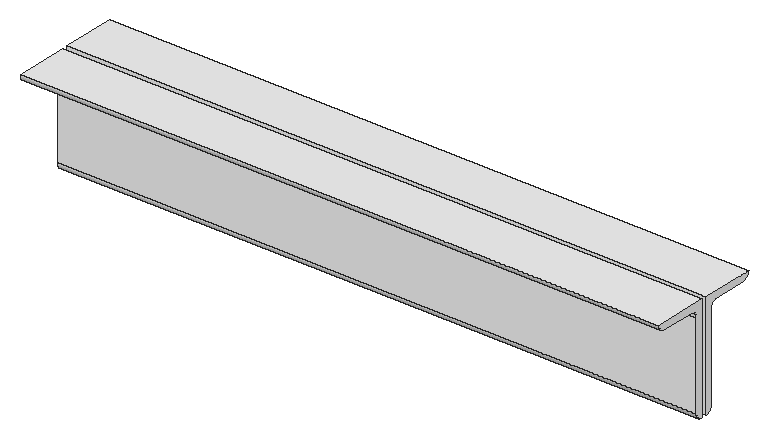
Revit family "M_LL-Ângulo duplo", category Quadro estrutural, Revit 2019 (continued)
Types in the file's own list only (596): name | W | Pernas | Espaço | b | d | t | y | A
  2L152X102X22.2X9SLBB | 0.793 | "SLBB" | 9 mm | 152 mm | 102 mm | 22 mm | 28 mm | 0.01 m²
  2L152X102X22.2X19SLBB | 0.793 | "SLBB" | 19 mm | 152 mm | 102 mm | 22 mm | 28 mm | 0.01 m²
  2L152X102X19SLBB | 0.689 | "SLBB" | 0 mm | 152 mm | 102 mm | 19 mm | 27 mm | 0.01 m²
  2L152X102X19X9SLBB | 0.689 | "SLBB" | 9 mm | 152 mm | 102 mm | 19 mm | 27 mm | 0.01 m²
  2L152X102X19X19SLBB | 0.689 | "SLBB" | 19 mm | 152 mm | 102 mm | 19 mm | 27 mm | 0.01 m²
  2L152X102X15.9SLBB | 0.582 | "SLBB" | 0 mm | 152 mm | 102 mm | 16 mm | 26 mm | 0.01 m²
  2L152X102X15.9X9SLBB | 0.582 | "SLBB" | 9 mm | 152 mm | 102 mm | 16 mm | 26 mm | 0.01 m²
  2L152X102X15.9X19SLBB | 0.582 | "SLBB" | 19 mm | 152 mm | 102 mm | 16 mm | 26 mm | 0.01 m²
  2L152X102X14.3SLBB | 0.527 | "SLBB" | 0 mm | 152 mm | 102 mm | 14 mm | 26 mm | 0.01 m²
  2L152X102X14.3X9SLBB | 0.527 | "SLBB" | 9 mm | 152 mm | 102 mm | 14 mm | 26 mm | 0.01 m²
  2L152X102X14.3X19SLBB | 0.527 | "SLBB" | 19 mm | 152 mm | 102 mm | 14 mm | 26 mm | 0.01 m²
  2L152X102X12.7SLBB | 0.472 | "SLBB" | 0 mm | 152 mm | 102 mm | 13 mm | 25 mm | 0.01 m²
  2L152X102X12.7X9SLBB | 0.472 | "SLBB" | 9 mm | 152 mm | 102 mm | 13 mm | 25 mm | 0.01 m²
  2L152X102X12.7X19SLBB | 0.472 | "SLBB" | 19 mm | 152 mm | 102 mm | 13 mm | 25 mm | 0.01 m²
  2L152X102X11.1SLBB | 0.415 | "SLBB" | 0 mm | 152 mm | 102 mm | 11 mm | 24 mm | 0.01 m²
  2L152X102X11.1X9SLBB | 0.415 | "SLBB" | 9 mm | 152 mm | 102 mm | 11 mm | 24 mm | 0.01 m²
  2L152X102X11.1X19SLBB | 0.415 | "SLBB" | 19 mm | 152 mm | 102 mm | 11 mm | 24 mm | 0.01 m²
  2L152X102X9.5SLBB | 0.358 | "SLBB" | 0 mm | 152 mm | 102 mm | 10 mm | 24 mm | 0.00 m²
  2L152X102X9.5X9SLBB | 0.358 | "SLBB" | 9 mm | 152 mm | 102 mm | 10 mm | 24 mm | 0.00 m²
  2L152X102X9.5X19SLBB | 0.358 | "SLBB" | 19 mm | 152 mm | 102 mm | 10 mm | 24 mm | 0.00 m²
  2L152X102X7.9SLBB | 0.301 | "SLBB" | 0 mm | 152 mm | 102 mm | 8 mm | 23 mm | 0.00 m²
  2L152X102X7.9X9SLBB | 0.301 | "SLBB" | 9 mm | 152 mm | 102 mm | 8 mm | 23 mm | 0.00 m²
  2L152X102X7.9X19SLBB | 0.301 | "SLBB" | 19 mm | 152 mm | 102 mm | 8 mm | 23 mm | 0.00 m²
  2L152X89X12.7SLBB | 0.449 | "SLBB" | 0 mm | 152 mm | 89 mm | 13 mm | 21 mm | 0.01 m²
  2L152X89X12.7X9SLBB | 0.449 | "SLBB" | 9 mm | 152 mm | 89 mm | 13 mm | 21 mm | 0.01 m²
  2L152X89X12.7X19SLBB | 0.449 | "SLBB" | 19 mm | 152 mm | 89 mm | 13 mm | 21 mm | 0.01 m²
  2L152X89X9.5SLBB | 0.342 | "SLBB" | 0 mm | 152 mm | 89 mm | 10 mm | 20 mm | 0.00 m²
  2L152X89X9.5X9SLBB | 0.342 | "SLBB" | 9 mm | 152 mm | 89 mm | 10 mm | 20 mm | 0.00 m²
  2L152X89X9.5X19SLBB | 0.342 | "SLBB" | 19 mm | 152 mm | 89 mm | 10 mm | 20 mm | 0.00 m²
  2L152X89X7.9SLBB | 0.287 | "SLBB" | 0 mm | 152 mm | 89 mm | 8 mm | 19 mm | 0.00 m²
  2L152X89X7.9X9SLBB | 0.287 | "SLBB" | 9 mm | 152 mm | 89 mm | 8 mm | 19 mm | 0.00 m²
  2L152X89X7.9X19SLBB | 0.287 | "SLBB" | 19 mm | 152 mm | 89 mm | 8 mm | 19 mm | 0.00 m²
  2L127X89X19SLBB | 0.578 | "SLBB" | 0 mm | 127 mm | 89 mm | 19 mm | 25 mm | 0.01 m²
  2L127X89X19X9SLBB | 0.578 | "SLBB" | 9 mm | 127 mm | 89 mm | 19 mm | 25 mm | 0.01 m²
  2L127X89X19X19SLBB | 0.578 | "SLBB" | 19 mm | 127 mm | 89 mm | 19 mm | 25 mm | 0.01 m²
  2L127X89X15.9SLBB | 0.489 | "SLBB" | 0 mm | 127 mm | 89 mm | 16 mm | 24 mm | 0.01 m²
  2L127X89X15.9X9SLBB | 0.489 | "SLBB" | 9 mm | 127 mm | 89 mm | 16 mm | 24 mm | 0.01 m²
  2L127X89X15.9X19SLBB | 0.489 | "SLBB" | 19 mm | 127 mm | 89 mm | 16 mm | 24 mm | 0.01 m²
  2L127X89X12.7SLBB | 0.398 | "SLBB" | 0 mm | 127 mm | 89 mm | 13 mm | 23 mm | 0.01 m²
  2L127X89X12.7X9SLBB | 0.398 | "SLBB" | 9 mm | 127 mm | 89 mm | 13 mm | 23 mm | 0.01 m²
  2L127X89X12.7X19SLBB | 0.398 | "SLBB" | 19 mm | 127 mm | 89 mm | 13 mm | 23 mm | 0.01 m²
  2L127X89X9.5SLBB | 0.303 | "SLBB" | 0 mm | 127 mm | 89 mm | 10 mm | 22 mm | 0.00 m²
  2L127X89X9.5X9SLBB | 0.303 | "SLBB" | 9 mm | 127 mm | 89 mm | 10 mm | 22 mm | 0.00 m²
  2L127X89X9.5X19SLBB | 0.303 | "SLBB" | 19 mm | 127 mm | 89 mm | 10 mm | 22 mm | 0.00 m²
  2L127X89X7.9SLBB | 0.254 | "SLBB" | 0 mm | 127 mm | 89 mm | 8 mm | 21 mm | 0.00 m²
  2L127X89X7.9X9SLBB | 0.254 | "SLBB" | 9 mm | 127 mm | 89 mm | 8 mm | 21 mm | 0.00 m²
  2L127X89X7.9X19SLBB | 0.254 | "SLBB" | 19 mm | 127 mm | 89 mm | 8 mm | 21 mm | 0.00 m²
  2L127X89X6.4SLBB | 0.205 | "SLBB" | 0 mm | 127 mm | 89 mm | 6 mm | 20 mm | 0.00 m²
  2L127X89X6.4X9SLBB | 0.205 | "SLBB" | 9 mm | 127 mm | 89 mm | 6 mm | 20 mm | 0.00 m²
  2L127X89X6.4X19SLBB | 0.205 | "SLBB" | 19 mm | 127 mm | 89 mm | 6 mm | 20 mm | 0.00 m²
  2L127X76X12.7SLBB | 0.373 | "SLBB" | 0 mm | 127 mm | 76 mm | 13 mm | 19 mm | 0.00 m²
  2L127X76X12.7X9SLBB | 0.373 | "SLBB" | 9 mm | 127 mm | 76 mm | 13 mm | 19 mm | 0.00 m²
  2L127X76X12.7X19SLBB | 0.373 | "SLBB" | 19 mm | 127 mm | 76 mm | 13 mm | 19 mm | 0.00 m²
  2L127X76X11.1SLBB | 0.329 | "SLBB" | 0 mm | 127 mm | 76 mm | 11 mm | 18 mm | 0.00 m²
  2L127X76X11.1X9SLBB | 0.329 | "SLBB" | 9 mm | 127 mm | 76 mm | 11 mm | 18 mm | 0.00 m²
  2L127X76X11.1X19SLBB | 0.329 | "SLBB" | 19 mm | 127 mm | 76 mm | 11 mm | 18 mm | 0.00 m²
  2L127X76X9.5SLBB | 0.284 | "SLBB" | 0 mm | 127 mm | 76 mm | 10 mm | 18 mm | 0.00 m²
  2L127X76X9.5X9SLBB | 0.284 | "SLBB" | 9 mm | 127 mm | 76 mm | 10 mm | 18 mm | 0.00 m²
  2L127X76X9.5X19SLBB | 0.284 | "SLBB" | 19 mm | 127 mm | 76 mm | 10 mm | 18 mm | 0.00 m²
  2L127X76X7.9SLBB | 0.239 | "SLBB" | 0 mm | 127 mm | 76 mm | 8 mm | 17 mm | 0.00 m²
  2L127X76X7.9X9SLBB | 0.239 | "SLBB" | 9 mm | 127 mm | 76 mm | 8 mm | 17 mm | 0.00 m²
  2L127X76X7.9X19SLBB | 0.239 | "SLBB" | 19 mm | 127 mm | 76 mm | 8 mm | 17 mm | 0.00 m²
  2L127X76X6.4SLBB | 0.193 | "SLBB" | 0 mm | 127 mm | 76 mm | 6 mm | 17 mm | 0.00 m²
  2L127X76X6.4X9SLBB | 0.193 | "SLBB" | 9 mm | 127 mm | 76 mm | 6 mm | 17 mm | 0.00 m²
  2L127X76X6.4X19SLBB | 0.193 | "SLBB" | 19 mm | 127 mm | 76 mm | 6 mm | 17 mm | 0.00 m²
  2L102X89X12.7SLBB | 0.348 | "SLBB" | 0 mm | 102 mm | 89 mm | 13 mm | 25 mm | 0.00 m²
  2L102X89X12.7X9SLBB | 0.348 | "SLBB" | 9 mm | 102 mm | 89 mm | 13 mm | 25 mm | 0.00 m²
  2L102X89X12.7X19SLBB | 0.348 | "SLBB" | 19 mm | 102 mm | 89 mm | 13 mm | 25 mm | 0.00 m²
  2L102X89X9.5SLBB | 0.266 | "SLBB" | 0 mm | 102 mm | 89 mm | 10 mm | 24 mm | 0.00 m²
  2L102X89X9.5X9SLBB | 0.266 | "SLBB" | 9 mm | 102 mm | 89 mm | 10 mm | 24 mm | 0.00 m²
  2L102X89X9.5X19SLBB | 0.266 | "SLBB" | 19 mm | 102 mm | 89 mm | 10 mm | 24 mm | 0.00 m²
  2L102X89X7.9SLBB | 0.223 | "SLBB" | 0 mm | 102 mm | 89 mm | 8 mm | 23 mm | 0.00 m²
  2L102X89X7.9X9SLBB | 0.223 | "SLBB" | 9 mm | 102 mm | 89 mm | 8 mm | 23 mm | 0.00 m²
  2L102X89X7.9X19SLBB | 0.223 | "SLBB" | 19 mm | 102 mm | 89 mm | 8 mm | 23 mm | 0.00 m²
  2L102X89X6.4SLBB | 0.18 | "SLBB" | 0 mm | 102 mm | 89 mm | 6 mm | 23 mm | 0.00 m²
  2L102X89X6.4X9SLBB | 0.18 | "SLBB" | 9 mm | 102 mm | 89 mm | 6 mm | 23 mm | 0.00 m²
  2L102X89X6.4X19SLBB | 0.18 | "SLBB" | 19 mm | 102 mm | 89 mm | 6 mm | 23 mm | 0.00 m²
  2L102X76X15.9SLBB | 0.396 | "SLBB" | 0 mm | 102 mm | 76 mm | 16 mm | 22 mm | 0.01 m²
  2L102X76X15.9X9SLBB | 0.396 | "SLBB" | 9 mm | 102 mm | 76 mm | 16 mm | 22 mm | 0.01 m²
  2L102X76X15.9X19SLBB | 0.396 | "SLBB" | 19 mm | 102 mm | 76 mm | 16 mm | 22 mm | 0.01 m²
  2L102X76X12.7SLBB | 0.323 | "SLBB" | 0 mm | 102 mm | 76 mm | 13 mm | 21 mm | 0.00 m²
  2L102X76X12.7X9SLBB | 0.323 | "SLBB" | 9 mm | 102 mm | 76 mm | 13 mm | 21 mm | 0.00 m²
  2L102X76X12.7X19SLBB | 0.323 | "SLBB" | 19 mm | 102 mm | 76 mm | 13 mm | 21 mm | 0.00 m²
  2L102X76X9.5SLBB | 0.247 | "SLBB" | 0 mm | 102 mm | 76 mm | 10 mm | 20 mm | 0.00 m²
  2L102X76X9.5X9SLBB | 0.247 | "SLBB" | 9 mm | 102 mm | 76 mm | 10 mm | 20 mm | 0.00 m²
  2L102X76X9.5X19SLBB | 0.247 | "SLBB" | 19 mm | 102 mm | 76 mm | 10 mm | 20 mm | 0.00 m²
  2L102X76X7.9SLBB | 0.208 | "SLBB" | 0 mm | 102 mm | 76 mm | 8 mm | 19 mm | 0.00 m²
  2L102X76X7.9X9SLBB | 0.208 | "SLBB" | 9 mm | 102 mm | 76 mm | 8 mm | 19 mm | 0.00 m²
  2L102X76X7.9X19SLBB | 0.208 | "SLBB" | 19 mm | 102 mm | 76 mm | 8 mm | 19 mm | 0.00 m²
  2L102X76X6.4SLBB | 0.168 | "SLBB" | 0 mm | 102 mm | 76 mm | 6 mm | 18 mm | 0.00 m²
  2L102X76X6.4X9SLBB | 0.168 | "SLBB" | 9 mm | 102 mm | 76 mm | 6 mm | 18 mm | 0.00 m²
  2L102X76X6.4X19SLBB | 0.168 | "SLBB" | 19 mm | 102 mm | 76 mm | 6 mm | 18 mm | 0.00 m²
  2L89X76X12.7SLBB | 0.3 | "SLBB" | 0 mm | 89 mm | 76 mm | 13 mm | 22 mm | 0.00 m²
  2L89X76X12.7X9SLBB | 0.3 | "SLBB" | 9 mm | 89 mm | 76 mm | 13 mm | 22 mm | 0.00 m²
  2L89X76X12.7X19SLBB | 0.3 | "SLBB" | 19 mm | 89 mm | 76 mm | 13 mm | 22 mm | 0.00 m²
  2L89X76X11.1SLBB | 0.265 | "SLBB" | 0 mm | 89 mm | 76 mm | 11 mm | 22 mm | 0.00 m²
  2L89X76X11.1X9SLBB | 0.265 | "SLBB" | 9 mm | 89 mm | 76 mm | 11 mm | 22 mm | 0.00 m²
  2L89X76X11.1X19SLBB | 0.265 | "SLBB" | 19 mm | 89 mm | 76 mm | 11 mm | 22 mm | 0.00 m²
  2L89X76X9.5SLBB | 0.23 | "SLBB" | 0 mm | 89 mm | 76 mm | 10 mm | 21 mm | 0.00 m²
  2L89X76X9.5X9SLBB | 0.23 | "SLBB" | 9 mm | 89 mm | 76 mm | 10 mm | 21 mm | 0.00 m²
  2L89X76X9.5X19SLBB | 0.23 | "SLBB" | 19 mm | 89 mm | 76 mm | 10 mm | 21 mm | 0.00 m²
  2L89X76X7.9SLBB | 0.194 | "SLBB" | 0 mm | 89 mm | 76 mm | 8 mm | 20 mm | 0.00 m²
  2L89X76X7.9X9SLBB | 0.194 | "SLBB" | 9 mm | 89 mm | 76 mm | 8 mm | 20 mm | 0.00 m²
  2L89X76X7.9X19SLBB | 0.194 | "SLBB" | 19 mm | 89 mm | 76 mm | 8 mm | 20 mm | 0.00 m²
  2L89X76X6.4SLBB | 0.157 | "SLBB" | 0 mm | 89 mm | 76 mm | 6 mm | 20 mm | 0.00 m²
  2L89X76X6.4X9SLBB | 0.157 | "SLBB" | 9 mm | 89 mm | 76 mm | 6 mm | 20 mm | 0.00 m²
  2L89X76X6.4X19SLBB | 0.157 | "SLBB" | 19 mm | 89 mm | 76 mm | 6 mm | 20 mm | 0.00 m²
  2L89X64X12.7SLBB | 0.275 | "SLBB" | 0 mm | 89 mm | 64 mm | 13 mm | 18 mm | 0.00 m²
  2L89X64X12.7X9SLBB | 0.275 | "SLBB" | 9 mm | 89 mm | 64 mm | 13 mm | 18 mm | 0.00 m²
  2L89X64X12.7X19SLBB | 0.275 | "SLBB" | 19 mm | 89 mm | 64 mm | 13 mm | 18 mm | 0.00 m²
  2L89X64X9.5SLBB | 0.211 | "SLBB" | 0 mm | 89 mm | 64 mm | 10 mm | 17 mm | 0.00 m²
  2L89X64X9.5X9SLBB | 0.211 | "SLBB" | 9 mm | 89 mm | 64 mm | 10 mm | 17 mm | 0.00 m²
  2L89X64X9.5X19SLBB | 0.211 | "SLBB" | 19 mm | 89 mm | 64 mm | 10 mm | 17 mm | 0.00 m²
  2L89X64X7.9SLBB | 0.178 | "SLBB" | 0 mm | 89 mm | 64 mm | 8 mm | 16 mm | 0.00 m²
  2L89X64X7.9X9SLBB | 0.178 | "SLBB" | 9 mm | 89 mm | 64 mm | 8 mm | 16 mm | 0.00 m²
  2L89X64X7.9X19SLBB | 0.178 | "SLBB" | 19 mm | 89 mm | 64 mm | 8 mm | 16 mm | 0.00 m²
  2L89X64X6.4SLBB | 0.144 | "SLBB" | 0 mm | 89 mm | 64 mm | 6 mm | 15 mm | 0.00 m²
  2L89X64X6.4X9SLBB | 0.144 | "SLBB" | 9 mm | 89 mm | 64 mm | 6 mm | 15 mm | 0.00 m²
  2L89X64X6.4X19SLBB | 0.144 | "SLBB" | 19 mm | 89 mm | 64 mm | 6 mm | 15 mm | 0.00 m²
  2L76X64X12.7SLBB | 0.249 | "SLBB" | 0 mm | 76 mm | 64 mm | 13 mm | 19 mm | 0.00 m²
  2L76X64X12.7X9SLBB | 0.249 | "SLBB" | 9 mm | 76 mm | 64 mm | 13 mm | 19 mm | 0.00 m²
  2L76X64X12.7X19SLBB | 0.249 | "SLBB" | 19 mm | 76 mm | 64 mm | 13 mm | 19 mm | 0.00 m²
  2L76X64X11.1SLBB | 0.221 | "SLBB" | 0 mm | 76 mm | 64 mm | 11 mm | 18 mm | 0.00 m²
  2L76X64X11.1X9SLBB | 0.221 | "SLBB" | 9 mm | 76 mm | 64 mm | 11 mm | 18 mm | 0.00 m²
  2L76X64X11.1X19SLBB | 0.221 | "SLBB" | 19 mm | 76 mm | 64 mm | 11 mm | 18 mm | 0.00 m²
  2L76X64X9.5SLBB | 0.191 | "SLBB" | 0 mm | 76 mm | 64 mm | 10 mm | 18 mm | 0.00 m²
  2L76X64X9.5X9SLBB | 0.191 | "SLBB" | 9 mm | 76 mm | 64 mm | 10 mm | 18 mm | 0.00 m²
  2L76X64X9.5X19SLBB | 0.191 | "SLBB" | 19 mm | 76 mm | 64 mm | 10 mm | 18 mm | 0.00 m²
  2L76X64X7.9SLBB | 0.162 | "SLBB" | 0 mm | 76 mm | 64 mm | 8 mm | 17 mm | 0.00 m²
  2L76X64X7.9X9SLBB | 0.162 | "SLBB" | 9 mm | 76 mm | 64 mm | 8 mm | 17 mm | 0.00 m²
  2L76X64X7.9X19SLBB | 0.162 | "SLBB" | 19 mm | 76 mm | 64 mm | 8 mm | 17 mm | 0.00 m²
  2L76X64X6.4SLBB | 0.131 | "SLBB" | 0 mm | 76 mm | 64 mm | 6 mm | 17 mm | 0.00 m²
  2L76X64X6.4X9SLBB | 0.131 | "SLBB" | 9 mm | 76 mm | 64 mm | 6 mm | 17 mm | 0.00 m²
  2L76X64X6.4X19SLBB | 0.131 | "SLBB" | 19 mm | 76 mm | 64 mm | 6 mm | 17 mm | 0.00 m²
  2L76X64X4.8SLBB | 0.1 | "SLBB" | 0 mm | 76 mm | 64 mm | 5 mm | 16 mm | 0.00 m²
  2L76X64X4.8X9SLBB | 0.1 | "SLBB" | 9 mm | 76 mm | 64 mm | 5 mm | 16 mm | 0.00 m²
  2L76X64X4.8X19SLBB | 0.1 | "SLBB" | 19 mm | 76 mm | 64 mm | 5 mm | 16 mm | 0.00 m²
  2L76X51X12.7SLBB | 0.225 | "SLBB" | 0 mm | 76 mm | 51 mm | 13 mm | 15 mm | 0.00 m²
  2L76X51X12.7X9SLBB | 0.225 | "SLBB" | 9 mm | 76 mm | 51 mm | 13 mm | 15 mm | 0.00 m²
  2L76X51X12.7X19SLBB | 0.225 | "SLBB" | 19 mm | 76 mm | 51 mm | 13 mm | 15 mm | 0.00 m²
  2L76X51X9.5SLBB | 0.174 | "SLBB" | 0 mm | 76 mm | 51 mm | 10 mm | 14 mm | 0.00 m²
  2L76X51X9.5X9SLBB | 0.174 | "SLBB" | 9 mm | 76 mm | 51 mm | 10 mm | 14 mm | 0.00 m²
  2L76X51X9.5X19SLBB | 0.174 | "SLBB" | 19 mm | 76 mm | 51 mm | 10 mm | 14 mm | 0.00 m²
  2L76X51X7.9SLBB | 0.147 | "SLBB" | 0 mm | 76 mm | 51 mm | 8 mm | 13 mm | 0.00 m²
  2L76X51X7.9X9SLBB | 0.147 | "SLBB" | 9 mm | 76 mm | 51 mm | 8 mm | 13 mm | 0.00 m²
  2L76X51X7.9X19SLBB | 0.147 | "SLBB" | 19 mm | 76 mm | 51 mm | 8 mm | 13 mm | 0.00 m²
  2L76X51X6.4SLBB | 0.119 | "SLBB" | 0 mm | 76 mm | 51 mm | 6 mm | 12 mm | 0.00 m²
  2L76X51X6.4X9SLBB | 0.119 | "SLBB" | 9 mm | 76 mm | 51 mm | 6 mm | 12 mm | 0.00 m²
  2L76X51X6.4X19SLBB | 0.119 | "SLBB" | 19 mm | 76 mm | 51 mm | 6 mm | 12 mm | 0.00 m²
  2L76X51X4.8SLBB | 0.091 | "SLBB" | 0 mm | 76 mm | 51 mm | 5 mm | 12 mm | 0.00 m²
  2L76X51X4.8X9SLBB | 0.091 | "SLBB" | 9 mm | 76 mm | 51 mm | 5 mm | 12 mm | 0.00 m²
  2L76X51X4.8X19SLBB | 0.091 | "SLBB" | 19 mm | 76 mm | 51 mm | 5 mm | 12 mm | 0.00 m²
  2L64X51X9.5SLBB | 0.155 | "SLBB" | 0 mm | 64 mm | 51 mm | 10 mm | 15 mm | 0.00 m²
  2L64X51X9.5X9SLBB | 0.155 | "SLBB" | 9 mm | 64 mm | 51 mm | 10 mm | 15 mm | 0.00 m²
  2L64X51X9.5X19SLBB | 0.155 | "SLBB" | 19 mm | 64 mm | 51 mm | 10 mm | 15 mm | 0.00 m²
  2L64X51X7.9SLBB | 0.131 | "SLBB" | 0 mm | 64 mm | 51 mm | 8 mm | 14 mm | 0.00 m²
  2L64X51X7.9X9SLBB | 0.131 | "SLBB" | 9 mm | 64 mm | 51 mm | 8 mm | 14 mm | 0.00 m²
  2L64X51X7.9X19SLBB | 0.131 | "SLBB" | 19 mm | 64 mm | 51 mm | 8 mm | 14 mm | 0.00 m²
  2L64X51X6.4SLBB | 0.106 | "SLBB" | 0 mm | 64 mm | 51 mm | 6 mm | 14 mm | 0.00 m²
  2L64X51X6.4X9SLBB | 0.106 | "SLBB" | 9 mm | 64 mm | 51 mm | 6 mm | 14 mm | 0.00 m²
  2L64X51X6.4X19SLBB | 0.106 | "SLBB" | 19 mm | 64 mm | 51 mm | 6 mm | 14 mm | 0.00 m²
  2L64X51X4.8SLBB | 0.081 | "SLBB" | 0 mm | 64 mm | 51 mm | 5 mm | 13 mm | 0.00 m²
  2L64X51X4.8X9SLBB | 0.081 | "SLBB" | 9 mm | 64 mm | 51 mm | 5 mm | 13 mm | 0.00 m²
  2L64X51X4.8X19SLBB | 0.081 | "SLBB" | 19 mm | 64 mm | 51 mm | 5 mm | 13 mm | 0.00 m²
